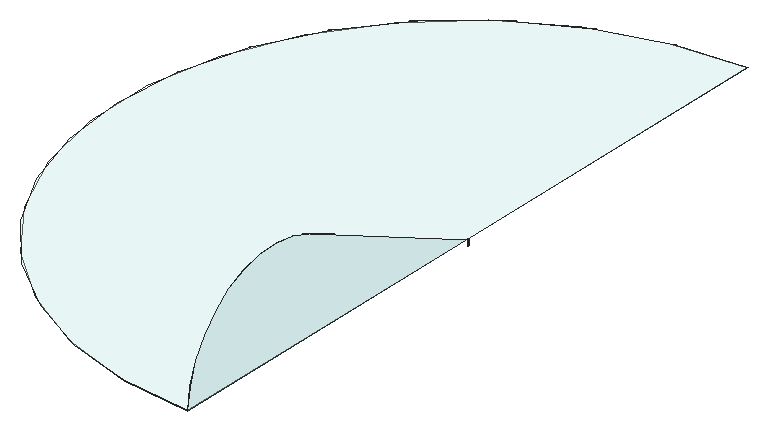
Revit family "Rotor Falvon 6504 Series - 6504FCSSHS", category Acessórios do tubo, Revit 2020
Family settings
  Cota do conector redondo = Utilizar diâmetro
  Tipo de parte = Normal
  Número OmniClass = 23.60.30.11.14
  Título OmniClass = Pipework Fittings
  Com base no plano de trabalho = Não
  Sempre na vertical = Sim
  Corte com vazios quando carregada = Não
  Compartilhado = Não
Parameters (values of type "Nozzle 18")
  Water = Water
  URL = "https://www.rainbird.com/"
  TABLE 90 = "TABLE 90psi"
  TABLE 80 = "TABLE 80psi"
  TABLE 70 = "TABLE 70psi"
  TABLE 60 = "TABLE 60psi"
  TABLE 50 = "TABLE 50psi"
  TABLE 40 = "TABLE 40psi"
  TABLE 30 = "TABLE 30psi"
  SupportProjetos: Reviw Date = ""  # constant formula
  SupportProjetos: Reviw = "R00"  # constant formula
  SupportProjetos: Level of Detail = "LOD 300"  # constant formula
  SupportProjetos: Developed = "MICHEL SOARES MOTA"  # constant formula
  SupportProjetos: Creation Date = "07/08/2020"  # constant formula
  Side inlet = no
  Rotation Water Visibility [instance] = Pop up on  # yes
  Rotation Angle [instance] = 180.00°
  RainBird: Product Link = "https://www.rainbird.com/"
  RainBird: Description = "FALCON 6504-FC-SS-HS Rotor "  # constant formula
  RainBird: Comment [instance] = ""
  RainBird: Code = "B65551"  # constant formula
  Radius [instance] = if(and(Pressure = 30.0 psi, Instance < 3 ft), size_lookup(TABLE 30, "Radius", 0 ft, Instance), if(and(Pressure = 40.0 psi, Instance < 9 ft), size_lookup(TABLE 40, "Radius", 0 ft, Instance), if(and(Pressure = 50.0 psi, Instance < 9 ft), size_lookup(TABLE 50, "Radius", 0 ft, Instance), if(and(Pressure = 60.0 psi, Instance < 9 ft), size_lookup(TABLE 60, "Radius", 0 ft, Instance), if(and(Pressure = 70.0 psi, Instance < 9 ft), size_lookup(TABLE 70, "Radius", 0 ft, Instance), if(and(Pressure = 80.0 psi, Instance < 9 ft), size_lookup(TABLE 80, "Radius", 0 ft, Instance), if(and(Pressure = 90.0 psi, Instance > 7 ft), size_lookup(TABLE 90, "Radius", 600 ft, Instance), 0 ft)))))))  # 63 ft
  RT = 0.009893 ft
  RN = 0.032808 ft
  R5 = 0.03937 ft
  R4 = 0.04101 ft
  R3 = 0.065617 ft
  R2 = 0.075407 ft
  R1 = 0.032808 ft
  Pressure [instance] = 60.0 psi
  Pop up height = 0.334646 ft
  Pop up on [instance] = yes
  Modelo = "6504-FCSSHS"  # constant formula
  Instance = 8 ft
  H1 = Body height / 3  # 0.236333 ft
  Flow [instance] = if(and(Pressure = 30.0 psi, Instance < 3 ft), size_lookup(TABLE 30, "Flow", 0.0 GPM, Instance), if(and(Pressure = 40.0 psi, Instance < 9 ft), size_lookup(TABLE 40, "Flow", 0.0 GPM, Instance), if(and(Pressure = 50.0 psi, Instance < 9 ft), size_lookup(TABLE 50, "Flow", 0.0 GPM, Instance), if(and(Pressure = 60.0 psi, Instance < 9 ft), size_lookup(TABLE 60, "Flow", 0.0 GPM, Instance), if(and(Pressure = 70.0 psi, Instance < 9 ft), size_lookup(TABLE 70, "Flow", 0.0 GPM, Instance), if(and(Pressure = 80.0 psi, Instance < 9 ft), size_lookup(TABLE 80, "Flow", 0.0 GPM, Instance), if(and(Pressure = 90.0 psi, Instance > 7 ft), size_lookup(TABLE 90, "Flow", 0.0 GPM, Instance), 0.0 GPM)))))))  # 17.1 GPM
  Fabricante = "Rain Bird"
  Elevação padrão = 0 ft
  Description = RainBird: Description  # "FALCON 6504-FC-SS-HS Rotor "
  DD13 = 0.002625 ft
  DD12 = 0.003937 ft
  DD11 = 0.009897 ft
  DD10 = 0.016404 ft
  DD8 [instance] = if(Pop up on, Pop up height, 0 ft)  # 0.334646 ft
  DD7 = 0.019685 ft
  DD6 [instance] = 0.016404 ft
  DD5 = 0.065617 ft
  DD4 = 0.032808 ft
  DD3 = 0.091048 ft
  DD2 [instance] = 0.024514 ft
  DD9 [instance] = if(Pop up on, Pop up height + 0.049541 ft, 0 ft)  # 0.384186 ft
  DD1 = 0.006562 ft
  Conection = 0.062664 ft  # constant formula
  Body height = 0.709 ft  # constant formula
  Blue = Blue Plastic
  Black Plastic = Black Plastic
  Angle = 25.00°
Types (9, lengths in ft): name | Radius | Pressure | Instance | Flow
  (no name) | 63 | 60.0 psi | 8 | 17.1 GPM
  Nozzle 4 | 43 | 80.0 psi | 1 | 4.6 GPM
  Nozzle 6 | 49 | 80.0 psi | 2 | 4.9 GPM
  Nozzle 8 | 53 | 80.0 psi | 3 | 9.4 GPM
  Nozzle 10 | 55 | 80.0 psi | 4 | 11.6 GPM
  Nozzle 12 | 61 | 80.0 psi | 5 | 14.0 GPM
  Tipo 14 | 61 | 80.0 psi | 6 | 16.2 GPM
  Nozzle 16 | 63 | 80.0 psi | 7 | 18.1 GPM
  Nozzle 18 | 63 | 60.0 psi | 8 | 17.1 GPM
Reference planes (ft)
  plane 1 "Centro (Frente/Trás)": y = 0
  plane 2: z = 0
  plane 3 "Centro (Esquerda/Direita)": x = 0
  plane 4: z = 0.003937
  plane 5: z = 0.002625
  plane 6: y = -0.065617
Forms (ft)
  Revolve 1, solid, material "Black Plastic" <- "Black Plastic"
    sketch origin (0, 0, 0) x (1, 0, 0) y (0, 0, 1)
      loop
        line (0.075407, -0.091048) -> (0.075407, -0.035324)
        arc (0.075407, -0.035324) -> (0.072509, -0.028329) -> (0.065514, -0.025431) r 0.009893
        line (0.065514, -0.025431) -> (0.046098, -0.025431) -> (0.046098, 0) -> (0.03937, 0) -> (0.03937, -0.334646) -> (0.019685, -0.334646) -> (0.019685, -0.702438) -> (0.032808, -0.702438) -> (0.032808, -0.709) -> (0.04101, -0.709) -> (0.04101, -0.702438) -> (0.055724, -0.702438)
        arc (0.055724, -0.702438) -> (0.062719, -0.699541) -> (0.065617, -0.692545) r 0.009893
        line (0.065617, -0.692545) -> (0.065617, -0.091048) -> (0.075407, -0.091048)
      axis (0, -0.709) -> (0, 0)
    angle from 0 to 360
  Extrusion 2, solid, material "Black Plastic" <- "Black Plastic"
    sketch origin (0, 0, 0) x (1, 0, 0) y (0, 1, 0)
      loop
        circle (0, 0) r 0.032808
    from -0.334646 to 0.334646
  Extrusion 3, void
    sketch origin (0, 0, 0) x (1, 0, 0) y (0, 1, 0)
      loop
        circle (0, 0) r 0.022844
    from -0.334646 to 0.334646
  Revolve 4, solid, material "Black Plastic" <- "Black Plastic"
    sketch origin (0, 0, 0) x (1, 0, 0) y (0, 0, 1)
      loop
        line (0, 0.334646) -> (0.037004, 0.334646) -> (0.037004, 0.344543)
        arc (0.037004, 0.344543) -> (0.01879, 0.349436) -> (0, 0.35105) r 0.10685
        line (0, 0.35105) -> (0, 0.334646)
      axis (0, 0.334646) -> (0, 0.35105)
    angle from 0 to 360
  Extrusion 5, solid, material "Blue Plastic" <- "Blue"
    sketch origin (0, 0, 0) x (1, 0, 0) y (0, 0, 1)
      loop
        circle (0, 0.310131) r 0.009129
      loop
        circle (0, 0.310131) r 0.004793
    from 0 to 0.034386
  Extrusion 6, void
    sketch origin (0, 0, 0) x (1, 0, 0) y (0, 0, 1)
      loop
        line (-0.02074, 0.328055) -> (-0.02074, 0.282426) -> (0.020672, 0.282426) -> (0.020672, 0.328055) -> (-0.02074, 0.328055)
      loop
        line (-0.018439, 0.325179) -> (-0.018439, 0.285685) -> (0.018179, 0.285685) -> (0.018179, 0.325179) -> (-0.018439, 0.325179)
    from 0.024556 to 0.06931
  Extrusion 7, solid, material "Black Plastic" <- "Black Plastic"
    sketch origin (0, 0, 0) x (1, 0, 0) y (0, 0, 1)
      loop
        line (0.046098, 0) -> (0.046098, -0.036876) -> (0.073493, -0.036876) -> (0.046098, 0)
    from -0.002998 to 0.002998
  Extrusion 8, solid, material "Black Plastic" <- "Black Plastic"
    sketch origin (0, 0, 0) x (-1, 0, 0) y (0, 0, -1)
      loop
        line (0.046098, 0) -> (0.073493, 0.036876) -> (0.046098, 0.036876) -> (0.046098, 0)
    from -0.002998 to 0.002998
  Extrusion 9, solid, material "Black Plastic" <- "Black Plastic"
    sketch origin (0, 0, 0) x (0.866025, 0.5, 0) y (0, 0, 1)
      loop
        line (0.046098, 0) -> (0.046098, -0.036876) -> (0.073493, -0.036876) -> (0.046098, 0)
    from -0.002998 to 0.002998
  Extrusion 10, solid, material "Black Plastic" <- "Black Plastic"
    sketch origin (0, 0, 0) x (-0.866025, -0.5, 0) y (0, 0, -1)
      loop
        line (0.046098, 0) -> (0.073493, 0.036876) -> (0.046098, 0.036876) -> (0.046098, 0)
    from -0.002998 to 0.002998
  Extrusion 11, solid, material "Black Plastic" <- "Black Plastic"
    sketch origin (0, 0, 0) x (0, 1, 0) y (0, 0, 1)
      loop
        line (0.046098, 0) -> (0.046098, -0.036876) -> (0.073493, -0.036876) -> (0.046098, 0)
    from -0.002998 to 0.002998
  Extrusion 12, solid, material "Black Plastic" <- "Black Plastic"
    sketch origin (0, 0, 0) x (0, -1, 0) y (0, 0, -1)
      loop
        line (0.046098, 0) -> (0.073493, 0.036876) -> (0.046098, 0.036876) -> (0.046098, 0)
    from -0.002998 to 0.002998
  Extrusion 13, solid, material "Black Plastic" <- "Black Plastic"
    sketch origin (0, 0, 0) x (0.5, 0.866025, 0) y (0, 0, 1)
      loop
        line (0.046098, 0) -> (0.046098, -0.036876) -> (0.073493, -0.036876) -> (0.046098, 0)
    from -0.002998 to 0.002998
  Extrusion 14, solid, material "Black Plastic" <- "Black Plastic"
    sketch origin (0, 0, 0) x (-0.5, -0.866025, 0) y (0, 0, -1)
      loop
        line (0.046098, 0) -> (0.073493, 0.036876) -> (0.046098, 0.036876) -> (0.046098, 0)
    from -0.002998 to 0.002998
  Extrusion 15, solid, material "Black Plastic" <- "Black Plastic"
    sketch origin (0, 0, 0) x (-0.5, 0.866025, 0) y (0, 0, 1)
      loop
        line (0.046098, 0) -> (0.046098, -0.036876) -> (0.073493, -0.036876) -> (0.046098, 0)
    from -0.002998 to 0.002998
  Extrusion 16, solid, material "Black Plastic" <- "Black Plastic"
    sketch origin (0, 0, 0) x (0.5, -0.866025, 0) y (0, 0, -1)
      loop
        line (0.046098, 0) -> (0.073493, 0.036876) -> (0.046098, 0.036876) -> (0.046098, 0)
    from -0.002998 to 0.002998
  Extrusion 17, solid, material "Black Plastic" <- "Black Plastic"
    sketch origin (0, 0, 0) x (-0.866025, 0.5, 0) y (0, 0, 1)
      loop
        line (0.046098, 0) -> (0.046098, -0.036876) -> (0.073493, -0.036876) -> (0.046098, 0)
    from -0.002998 to 0.002998
  Extrusion 18, solid, material "Black Plastic" <- "Black Plastic"
    sketch origin (0, 0, 0) x (0.866025, -0.5, 0) y (0, 0, -1)
      loop
        line (0.046098, 0) -> (0.073493, 0.036876) -> (0.046098, 0.036876) -> (0.046098, 0)
    from -0.002998 to 0.002998
  Extrusion 19, void
    sketch origin (0, 0, 0) x (1, 0, 0) y (0, 1, 0)
      loop
        line (-0.002998, 0.077702) -> (-0.002998, 0.071655) -> (0.002998, 0.071655) -> (0.002998, 0.077702) -> (-0.002998, 0.077702)
    from -0.091048 to 0.82021
  Extrusion 20, void
    sketch origin (0, 0, 0) x (1, 0, 0) y (0, 1, 0)
      loop
        line (0.002998, -0.077702) -> (0.002998, -0.071655) -> (-0.002998, -0.071655) -> (-0.002998, -0.077702) -> (0.002998, -0.077702)
    from -0.091048 to 0.82021
  Extrusion 21, void
    sketch origin (0, 0, 0) x (0.965926, 0.258819, 0) y (-0.258819, 0.965926, 0)
      loop
        line (-0.002998, 0.077702) -> (-0.002998, 0.071655) -> (0.002998, 0.071655) -> (0.002998, 0.077702) -> (-0.002998, 0.077702)
    from -0.091048 to 0.82021
  Extrusion 22, void
    sketch origin (0, 0, 0) x (0.965926, 0.258819, 0) y (-0.258819, 0.965926, 0)
      loop
        line (0.002998, -0.077702) -> (0.002998, -0.071655) -> (-0.002998, -0.071655) -> (-0.002998, -0.077702) -> (0.002998, -0.077702)
    from -0.091048 to 0.82021
  Extrusion 23, void
    sketch origin (0, 0, 0) x (0.866025, 0.5, 0) y (-0.5, 0.866025, 0)
      loop
        line (-0.002998, 0.077702) -> (-0.002998, 0.071655) -> (0.002998, 0.071655) -> (0.002998, 0.077702) -> (-0.002998, 0.077702)
    from -0.091048 to 0.82021
  Extrusion 24, void
    sketch origin (0, 0, 0) x (0.866025, 0.5, 0) y (-0.5, 0.866025, 0)
      loop
        line (0.002998, -0.077702) -> (0.002998, -0.071655) -> (-0.002998, -0.071655) -> (-0.002998, -0.077702) -> (0.002998, -0.077702)
    from -0.091048 to 0.82021
  Extrusion 25, void
    sketch origin (0, 0, 0) x (0.5, 0.866025, 0) y (-0.866025, 0.5, 0)
      loop
        line (-0.002998, 0.077702) -> (-0.002998, 0.071655) -> (0.002998, 0.071655) -> (0.002998, 0.077702) -> (-0.002998, 0.077702)
    from -0.091048 to 0.82021
  Extrusion 26, void
    sketch origin (0, 0, 0) x (0.5, 0.866025, 0) y (-0.866025, 0.5, 0)
      loop
        line (0.002998, -0.077702) -> (0.002998, -0.071655) -> (-0.002998, -0.071655) -> (-0.002998, -0.077702) -> (0.002998, -0.077702)
    from -0.091048 to 0.82021
  Extrusion 27, void
    sketch origin (0, 0, 0) x (0.707107, 0.707107, 0) y (-0.707107, 0.707107, 0)
      loop
        line (-0.002998, 0.077702) -> (-0.002998, 0.071655) -> (0.002998, 0.071655) -> (0.002998, 0.077702) -> (-0.002998, 0.077702)
    from -0.091048 to 0.82021
  Extrusion 28, void
    sketch origin (0, 0, 0) x (0.707107, 0.707107, 0) y (-0.707107, 0.707107, 0)
      loop
        line (0.002998, -0.077702) -> (0.002998, -0.071655) -> (-0.002998, -0.071655) -> (-0.002998, -0.077702) -> (0.002998, -0.077702)
    from -0.091048 to 0.82021
  Extrusion 29, void
    sketch origin (0, 0, 0) x (0.258819, 0.965926, 0) y (-0.965926, 0.258819, 0)
      loop
        line (-0.002998, 0.077702) -> (-0.002998, 0.071655) -> (0.002998, 0.071655) -> (0.002998, 0.077702) -> (-0.002998, 0.077702)
    from -0.091048 to 0.82021
  Extrusion 30, void
    sketch origin (0, 0, 0) x (0.258819, 0.965926, 0) y (-0.965926, 0.258819, 0)
      loop
        line (0.002998, -0.077702) -> (0.002998, -0.071655) -> (-0.002998, -0.071655) -> (-0.002998, -0.077702) -> (0.002998, -0.077702)
    from -0.091048 to 0.82021
  Extrusion 31, void
    sketch origin (0, 0, 0) x (0, 1, 0) y (-1, 0, 0)
      loop
        line (-0.002998, 0.077702) -> (-0.002998, 0.071655) -> (0.002998, 0.071655) -> (0.002998, 0.077702) -> (-0.002998, 0.077702)
    from -0.091048 to 0.82021
  Extrusion 32, void
    sketch origin (0, 0, 0) x (0, 1, 0) y (-1, 0, 0)
      loop
        line (0.002998, -0.077702) -> (0.002998, -0.071655) -> (-0.002998, -0.071655) -> (-0.002998, -0.077702) -> (0.002998, -0.077702)
    from -0.091048 to 0.82021
  Extrusion 33, void
    sketch origin (0, 0, 0) x (-0.258819, 0.965926, 0) y (-0.965926, -0.258819, 0)
      loop
        line (-0.002998, 0.077702) -> (-0.002998, 0.071655) -> (0.002998, 0.071655) -> (0.002998, 0.077702) -> (-0.002998, 0.077702)
    from -0.091048 to 0.82021
  Extrusion 34, void
    sketch origin (0, 0, 0) x (-0.258819, 0.965926, 0) y (-0.965926, -0.258819, 0)
      loop
        line (0.002998, -0.077702) -> (0.002998, -0.071655) -> (-0.002998, -0.071655) -> (-0.002998, -0.077702) -> (0.002998, -0.077702)
    from -0.091048 to 0.82021
  Extrusion 35, void
    sketch origin (0, 0, 0) x (-0.5, 0.866025, 0) y (-0.866025, -0.5, 0)
      loop
        line (-0.002998, 0.077702) -> (-0.002998, 0.071655) -> (0.002998, 0.071655) -> (0.002998, 0.077702) -> (-0.002998, 0.077702)
    from -0.091048 to 0.82021
  Extrusion 36, void
    sketch origin (0, 0, 0) x (-0.5, 0.866025, 0) y (-0.866025, -0.5, 0)
      loop
        line (0.002998, -0.077702) -> (0.002998, -0.071655) -> (-0.002998, -0.071655) -> (-0.002998, -0.077702) -> (0.002998, -0.077702)
    from -0.091048 to 0.82021
  Extrusion 37, void
    sketch origin (0, 0, 0) x (-0.707107, 0.707107, 0) y (-0.707107, -0.707107, 0)
      loop
        line (-0.002998, 0.077702) -> (-0.002998, 0.071655) -> (0.002998, 0.071655) -> (0.002998, 0.077702) -> (-0.002998, 0.077702)
    from -0.091048 to 0.82021
  Extrusion 38, void
    sketch origin (0, 0, 0) x (-0.707107, 0.707107, 0) y (-0.707107, -0.707107, 0)
      loop
        line (0.002998, -0.077702) -> (0.002998, -0.071655) -> (-0.002998, -0.071655) -> (-0.002998, -0.077702) -> (0.002998, -0.077702)
    from -0.091048 to 0.82021
  Extrusion 39, void
    sketch origin (0, 0, 0) x (-0.866025, 0.5, 0) y (-0.5, -0.866025, 0)
      loop
        line (-0.002998, 0.077702) -> (-0.002998, 0.071655) -> (0.002998, 0.071655) -> (0.002998, 0.077702) -> (-0.002998, 0.077702)
    from -0.091048 to 0.82021
  Extrusion 40, void
    sketch origin (0, 0, 0) x (-0.866025, 0.5, 0) y (-0.5, -0.866025, 0)
      loop
        line (0.002998, -0.077702) -> (0.002998, -0.071655) -> (-0.002998, -0.071655) -> (-0.002998, -0.077702) -> (0.002998, -0.077702)
    from -0.091048 to 0.82021
  Extrusion 41, void
    sketch origin (0, 0, 0) x (-0.965926, 0.258819, 0) y (-0.258819, -0.965926, 0)
      loop
        line (-0.002998, 0.077702) -> (-0.002998, 0.071655) -> (0.002998, 0.071655) -> (0.002998, 0.077702) -> (-0.002998, 0.077702)
    from -0.091048 to 0.82021
  Extrusion 42, void
    sketch origin (0, 0, 0) x (-0.965926, 0.258819, 0) y (-0.258819, -0.965926, 0)
      loop
        line (0.002998, -0.077702) -> (0.002998, -0.071655) -> (-0.002998, -0.071655) -> (-0.002998, -0.077702) -> (0.002998, -0.077702)
    from -0.091048 to 0.82021
  Extrusion 43, solid, material "Water" <- "Water", visible <- "Rotation Water Visibility"
    sketch origin (0, 0, 0) x (0, 1, 0) y (0, 0, 1)
      loop
        line (-0.032808, 0.310131) -> (-35.615202, 16.902474)
        arc (-35.615202, 16.902474) -> (-53.751991, 15.923219) -> (-63.032808, 0.310131) r 19.287003
        line (-63.032808, 0.310131) -> (-0.032808, 0.310131)
    from -0.008202 to 0.008202
Cuts and joins
  Extrusion 3, Extrusion 6 cuts Extrusion 2
  Extrusion 19, Extrusion 20, Extrusion 21, Extrusion 22, Extrusion 23, Extrusion 24, Extrusion 25, Extrusion 26, Extrusion 27, Extrusion 28, Extrusion 29, Extrusion 30, Extrusion 31, Extrusion 32, Extrusion 33, Extrusion 34, Extrusion 35, Extrusion 36, Extrusion 37, Extrusion 38, Extrusion 39, Extrusion 40, Extrusion 41, Extrusion 42 cuts Revolve 1
Dimensions and locks (ft)
  "Body height": level to Revolve 1 sketch curve
  "R2": Revolve 1 sketch curve to plane 3 "Centro (Esquerda/Direita)"
  "DD1": Revolve 1 sketch curve to Revolve 1 sketch curve
  "DD3": level to Revolve 1 sketch curve
  Revolve 1 sketch curve to plane 3 "Centro (Esquerda/Direita)" = 0.065617 ft
  "R4": Revolve 1 sketch curve to plane 3 "Centro (Esquerda/Direita)"
  "RN": Revolve 1 sketch curve to plane 3 "Centro (Esquerda/Direita)"
  "Pop up height": level to Revolve 1 sketch curve
  "R5": plane 3 "Centro (Esquerda/Direita)" to Revolve 1 sketch curve
  "DD7": Revolve 1 sketch curve to plane 3 "Centro (Esquerda/Direita)"
  "DD8": Extrusion 2 to level
  "DD12": plane 4 to level
  "DD13": plane 5 to level
  "R3": plane 6 to plane 1 "Centro (Frente/Trás)"
  "DD5": Revolve 1 sketch curve to Revolve 1 sketch curve
  "DD10": Revolve 4 sketch curve to Revolve 4 sketch curve
  "DD11": Revolve 4 sketch curve to Revolve 4 sketch curve
  "DD2": Revolve 4 to Extrusion 5 sketch curve  (x2)
  Extrusion 7 to plane 3 "Centro (Esquerda/Direita)" = 0.046098 ft
  equal spacing: Extrusion 7, plane 1 "Centro (Frente/Trás)", Extrusion 7
  Extrusion 8 to Extrusion 8 = 0.005995 ft
  Extrusion 9 to Extrusion 9 = 0.005995 ft
  Extrusion 20 sketch curve to Extrusion 20 sketch curve = 0.005995 ft
  Extrusion 22 sketch curve to Extrusion 22 sketch curve = 0.005995 ft
  Extrusion 24 sketch curve to Extrusion 24 sketch curve = 0.005995 ft
  Extrusion 26 sketch curve to Extrusion 26 sketch curve = 0.005995 ft
  Extrusion 28 sketch curve to Extrusion 28 sketch curve = 0.005995 ft
  Extrusion 30 sketch curve to Extrusion 30 sketch curve = 0.005995 ft
  Extrusion 32 sketch curve to Extrusion 32 sketch curve = 0.005995 ft
  Extrusion 34 sketch curve to Extrusion 34 sketch curve = 0.005995 ft
  Extrusion 36 sketch curve to Extrusion 36 sketch curve = 0.005995 ft
  Extrusion 38 sketch curve to Extrusion 38 sketch curve = 0.005995 ft
  Extrusion 40 sketch curve to Extrusion 40 sketch curve = 0.005995 ft
  Extrusion 42 sketch curve to Extrusion 42 sketch curve = 0.005995 ft
  "DD4": plane 1 "Centro (Frente/Trás)" to Extrusion 43 sketch curve
  "DD2": Revolve 4 to Extrusion 43 sketch curve
  "Radius": Extrusion 43 sketch curve to Extrusion 43 sketch curve
  equal spacing: Extrusion 43, plane 3 "Centro (Esquerda/Direita)", Extrusion 43
  "DD6": Extrusion 43 to Extrusion 43
  "DD2": Revolve 4 to nested 1
  "RT": radius of Revolve 1 sketch curve  (x2)
  "R1": radius of Extrusion 2 sketch curve
  "Angle": angle Extrusion 43 sketch curve to Extrusion 43 sketch curve
  aligned and locked: level to plane 2
  aligned and locked: Revolve 1 sketch curve to Revolve 1 sketch curve
  aligned and locked: Extrusion 2 to Revolve 1
  aligned and locked: cut or joined group of Extrusion 2, Extrusion 3, Extrusion 6 to cut or joined group of Extrusion 2, Extrusion 3, Extrusion 6  (x2)
  aligned and locked: Revolve 4 sketch curve to cut or joined group of Extrusion 2, Extrusion 3, Extrusion 6
  aligned and locked: Extrusion 20 to Revolve 1
  aligned and locked: Extrusion 22 to Revolve 1
  aligned and locked: Extrusion 24 to Revolve 1
  aligned and locked: Extrusion 28 to Revolve 1
  aligned and locked: Extrusion 26 to Revolve 1
  aligned and locked: Extrusion 30 to Revolve 1
  aligned and locked: Extrusion 32 to Revolve 1
  aligned and locked: Extrusion 34 to Revolve 1
  aligned and locked: Revolve 1 to Extrusion 36
  aligned and locked: Revolve 1 to Extrusion 38
  aligned and locked: Extrusion 41 to Revolve 1
  aligned and locked: Extrusion 39 to Revolve 1
  aligned and locked: Extrusion 37 to Revolve 1
  aligned and locked: Extrusion 35 to Revolve 1
  aligned and locked: Extrusion 33 to Revolve 1
  aligned and locked: Extrusion 31 to Revolve 1
  aligned and locked: Extrusion 29 to Revolve 1
  aligned and locked: Revolve 1 to Extrusion 25
  aligned and locked: Revolve 1 to Extrusion 27
  aligned and locked: Revolve 1 to Extrusion 19
  aligned and locked: Revolve 1 to Extrusion 21
  aligned and locked: Revolve 1 to Extrusion 42
  aligned and locked: Revolve 1 to Extrusion 40
  aligned and locked: Revolve 1 to Extrusion 23
Automatic sketch dimensions
  plane 1 "Centro (Frente/Trás)" to Extrusion 2 sketch curve = 0 ft
  Extrusion 2 sketch curve to plane 3 "Centro (Esquerda/Direita)" = 0 ft
  plane 1 "Centro (Frente/Trás)" to Extrusion 3 sketch curve = 0 ft
  Extrusion 3 sketch curve to plane 3 "Centro (Esquerda/Direita)" = 0 ft
  Revolve 4 sketch curve to plane 3 "Centro (Esquerda/Direita)" = 0 ft  (x2)
  plane 3 "Centro (Esquerda/Direita)" to Revolve 4 sketch curve = 0.000284 ft
  plane 3 "Centro (Esquerda/Direita)" to Revolve 4 sketch curve = 0.037004 ft
  Revolve 4 sketch curve to Revolve 4 sketch curve = 0.015719 ft
  Revolve 4 sketch curve to Revolve 4 sketch curve = 0.114829 ft
  Extrusion 5 sketch curve to Extrusion 5 sketch curve = 0 ft
  Extrusion 5 sketch curve to plane 3 "Centro (Esquerda/Direita)" = 0 ft
  Extrusion 6 sketch curve to plane 3 "Centro (Esquerda/Direita)" = 0.02074 ft
  Extrusion 6 sketch curve to Extrusion 6 sketch curve = 0.002301 ft
  plane 3 "Centro (Esquerda/Direita)" to Extrusion 6 sketch curve = 0.018179 ft
  Extrusion 6 sketch curve to Extrusion 6 sketch curve = 0.002492 ft
  plane 4 to Extrusion 6 sketch curve = 0.278489 ft
  Extrusion 6 sketch curve to Extrusion 6 sketch curve = 0.003259 ft
  Extrusion 6 sketch curve to Extrusion 6 sketch curve = 0.039494 ft
  Extrusion 6 sketch curve to Extrusion 6 sketch curve = 0.002876 ft
  Extrusion 7 sketch curve to level = 0 ft
  plane 3 "Centro (Esquerda/Direita)" to Extrusion 7 sketch curve = 0.046098 ft
  Extrusion 7 sketch curve to Extrusion 7 sketch curve = 0.027396 ft
  Extrusion 7 sketch curve to Extrusion 7 sketch curve = 0.036876 ft
  Extrusion 8 sketch curve to level = 0 ft
  plane 3 "Centro (Esquerda/Direita)" to Extrusion 8 sketch curve = 0.046098 ft
  Extrusion 8 sketch curve to Extrusion 8 sketch curve = 0.027396 ft
  Extrusion 8 sketch curve to Extrusion 8 sketch curve = 0.036876 ft
  Extrusion 9 sketch curve to level = 0 ft
  Extrusion 9 sketch curve to level = 0.036876 ft
  Extrusion 9 sketch curve to Extrusion 9 sketch curve = 0.027396 ft
  Extrusion 10 sketch curve to level = 0 ft
  Extrusion 10 sketch curve to level = 0.036876 ft
  Extrusion 10 sketch curve to Extrusion 10 sketch curve = 0.027396 ft
  Extrusion 11 sketch curve to level = 0 ft
  Extrusion 11 sketch curve to plane 1 "Centro (Frente/Trás)" = 0.046098 ft
  Extrusion 11 sketch curve to Extrusion 11 sketch curve = 0.027396 ft
  Extrusion 11 sketch curve to Extrusion 11 sketch curve = 0.036876 ft
  Extrusion 12 sketch curve to level = 0 ft
  plane 6 to Extrusion 12 sketch curve = 0.019519 ft
  Extrusion 12 sketch curve to plane 6 = 0.007877 ft
  Extrusion 12 sketch curve to level = 0.036876 ft
  Extrusion 13 sketch curve to level = 0 ft
  Extrusion 13 sketch curve to level = 0.036876 ft
  Extrusion 13 sketch curve to Extrusion 13 sketch curve = 0.027396 ft
  Extrusion 14 sketch curve to level = 0 ft
  Extrusion 14 sketch curve to level = 0.036876 ft
  Extrusion 14 sketch curve to Extrusion 14 sketch curve = 0.027396 ft
  level to Extrusion 15 sketch curve = 0 ft
  Extrusion 15 sketch curve to level = 0.036876 ft
  Extrusion 15 sketch curve to Extrusion 15 sketch curve = 0.027396 ft
  level to Extrusion 16 sketch curve = 0 ft
  Extrusion 16 sketch curve to level = 0.036876 ft
  Extrusion 16 sketch curve to Extrusion 16 sketch curve = 0.027396 ft
  level to Extrusion 17 sketch curve = 0 ft
  Extrusion 17 sketch curve to level = 0.036876 ft
  Extrusion 17 sketch curve to Extrusion 17 sketch curve = 0.027396 ft
  level to Extrusion 18 sketch curve = 0 ft
  Extrusion 18 sketch curve to level = 0.036876 ft
  Extrusion 18 sketch curve to Extrusion 18 sketch curve = 0.027396 ft
  Extrusion 19 sketch curve to plane 3 "Centro (Esquerda/Direita)" = 0.002998 ft
  Extrusion 19 sketch curve to plane 1 "Centro (Frente/Trás)" = 0.071655 ft
  Extrusion 19 sketch curve to Extrusion 19 sketch curve = 0.006047 ft
  plane 3 "Centro (Esquerda/Direita)" to Extrusion 20 sketch curve = 0.002998 ft
  plane 6 to Extrusion 20 sketch curve = 0.006038 ft
  Extrusion 20 sketch curve to Extrusion 20 sketch curve = 0.006047 ft
  plane 3 "Centro (Esquerda/Direita)" to Extrusion 19 sketch curve = 0.002998 ft
  Extrusion 21 sketch curve to plane 3 "Centro (Esquerda/Direita)" = 0.021441 ft
  Extrusion 21 sketch curve to plane 1 "Centro (Frente/Trás)" = 0.068438 ft
  Extrusion 21 sketch curve to Extrusion 21 sketch curve = 0.005995 ft
  Extrusion 21 sketch curve to Extrusion 21 sketch curve = 0.006047 ft
  Extrusion 22 sketch curve to plane 6 = 0.010213 ft
  plane 3 "Centro (Esquerda/Direita)" to Extrusion 22 sketch curve = 0.017215 ft
  Extrusion 22 sketch curve to Extrusion 22 sketch curve = 0.006047 ft
  Extrusion 23 sketch curve to plane 3 "Centro (Esquerda/Direita)" = 0.038424 ft
  Extrusion 23 sketch curve to plane 1 "Centro (Frente/Trás)" = 0.060556 ft
  Extrusion 23 sketch curve to Extrusion 23 sketch curve = 0.005995 ft
  Extrusion 23 sketch curve to Extrusion 23 sketch curve = 0.006047 ft
  Extrusion 24 sketch curve to plane 6 = 0.003174 ft
  plane 3 "Centro (Esquerda/Direita)" to Extrusion 24 sketch curve = 0.036255 ft
  Extrusion 24 sketch curve to Extrusion 24 sketch curve = 0.006047 ft
  Extrusion 25 sketch curve to plane 1 "Centro (Frente/Trás)" = 0.033231 ft
  Extrusion 25 sketch curve to plane 3 "Centro (Esquerda/Direita)" = 0.063554 ft
  Extrusion 25 sketch curve to Extrusion 25 sketch curve = 0.005995 ft
  Extrusion 25 sketch curve to Extrusion 25 sketch curve = 0.006047 ft
  Extrusion 26 sketch curve to plane 6 = 0.02417 ft
  Extrusion 26 sketch curve to plane 3 "Centro (Esquerda/Direita)" = 0.065793 ft
  Extrusion 26 sketch curve to Extrusion 26 sketch curve = 0.006047 ft
  Extrusion 27 sketch curve to plane 1 "Centro (Frente/Trás)" = 0.048548 ft
  Extrusion 27 sketch curve to plane 3 "Centro (Esquerda/Direita)" = 0.052787 ft
  Extrusion 27 sketch curve to Extrusion 27 sketch curve = 0.005995 ft
  Extrusion 27 sketch curve to Extrusion 27 sketch curve = 0.006047 ft
  plane 6 to Extrusion 28 sketch curve = 0.008554 ft
  plane 3 "Centro (Esquerda/Direita)" to Extrusion 28 sketch curve = 0.052824 ft
  Extrusion 28 sketch curve to Extrusion 28 sketch curve = 0.006047 ft
  Extrusion 29 sketch curve to plane 1 "Centro (Frente/Trás)" = 0.01565 ft
  Extrusion 29 sketch curve to plane 3 "Centro (Esquerda/Direita)" = 0.069989 ft
  Extrusion 29 sketch curve to Extrusion 29 sketch curve = 0.005995 ft
  Extrusion 29 sketch curve to Extrusion 29 sketch curve = 0.006047 ft
  plane 1 "Centro (Frente/Trás)" to Extrusion 30 sketch curve = 0.023006 ft
  plane 3 "Centro (Esquerda/Direita)" to Extrusion 30 sketch curve = 0.074278 ft
  Extrusion 30 sketch curve to Extrusion 30 sketch curve = 0.006047 ft
  plane 1 "Centro (Frente/Trás)" to Extrusion 31 sketch curve = 0.002998 ft
  Extrusion 31 sketch curve to plane 1 "Centro (Frente/Trás)" = 0.002998 ft
  Extrusion 31 sketch curve to plane 3 "Centro (Esquerda/Direita)" = 0.071655 ft
  Extrusion 31 sketch curve to Extrusion 31 sketch curve = 0.006047 ft
  plane 1 "Centro (Frente/Trás)" to Extrusion 32 sketch curve = 0.002998 ft
  plane 3 "Centro (Esquerda/Direita)" to Extrusion 32 sketch curve = 0.077702 ft
  Extrusion 32 sketch curve to Extrusion 32 sketch curve = 0.006047 ft
  plane 1 "Centro (Frente/Trás)" to Extrusion 33 sketch curve = 0.021441 ft
  Extrusion 33 sketch curve to plane 3 "Centro (Esquerda/Direita)" = 0.068438 ft
  Extrusion 33 sketch curve to Extrusion 33 sketch curve = 0.005995 ft
  Extrusion 33 sketch curve to Extrusion 33 sketch curve = 0.006047 ft
  Extrusion 34 sketch curve to plane 1 "Centro (Frente/Trás)" = 0.017215 ft
  plane 3 "Centro (Esquerda/Direita)" to Extrusion 34 sketch curve = 0.07583 ft
  Extrusion 34 sketch curve to Extrusion 34 sketch curve = 0.006047 ft
  plane 6 to Extrusion 35 sketch curve = 0.027193 ft
  Extrusion 35 sketch curve to plane 3 "Centro (Esquerda/Direita)" = 0.060556 ft
  Extrusion 35 sketch curve to Extrusion 35 sketch curve = 0.005995 ft
  Extrusion 35 sketch curve to Extrusion 35 sketch curve = 0.006047 ft
  Extrusion 36 sketch curve to plane 1 "Centro (Frente/Trás)" = 0.036255 ft
  plane 3 "Centro (Esquerda/Direita)" to Extrusion 36 sketch curve = 0.068791 ft
  Extrusion 36 sketch curve to Extrusion 36 sketch curve = 0.006047 ft
  plane 6 to Extrusion 37 sketch curve = 0.012829 ft
  Extrusion 37 sketch curve to plane 3 "Centro (Esquerda/Direita)" = 0.048548 ft
  Extrusion 37 sketch curve to Extrusion 37 sketch curve = 0.005995 ft
  Extrusion 37 sketch curve to Extrusion 37 sketch curve = 0.006047 ft
  Extrusion 38 sketch curve to plane 1 "Centro (Frente/Trás)" = 0.052824 ft
  plane 3 "Centro (Esquerda/Direita)" to Extrusion 38 sketch curve = 0.057063 ft
  Extrusion 38 sketch curve to Extrusion 38 sketch curve = 0.006047 ft
  plane 6 to Extrusion 39 sketch curve = 0.002063 ft
  Extrusion 39 sketch curve to plane 3 "Centro (Esquerda/Direita)" = 0.033231 ft
  Extrusion 39 sketch curve to Extrusion 39 sketch curve = 0.005995 ft
  Extrusion 39 sketch curve to Extrusion 39 sketch curve = 0.006047 ft
  plane 3 "Centro (Esquerda/Direita)" to Extrusion 40 sketch curve = 0.041447 ft
  Extrusion 40 sketch curve to plane 1 "Centro (Frente/Trás)" = 0.065793 ft
  Extrusion 40 sketch curve to Extrusion 40 sketch curve = 0.006047 ft
  Extrusion 41 sketch curve to plane 6 = 0.004372 ft
  Extrusion 41 sketch curve to plane 3 "Centro (Esquerda/Direita)" = 0.01565 ft
  Extrusion 41 sketch curve to Extrusion 41 sketch curve = 0.005995 ft
  Extrusion 41 sketch curve to Extrusion 41 sketch curve = 0.006047 ft
  plane 3 "Centro (Esquerda/Direita)" to Extrusion 42 sketch curve = 0.023006 ft
  Extrusion 42 sketch curve to plane 1 "Centro (Frente/Trás)" = 0.074278 ft
  Extrusion 42 sketch curve to Extrusion 42 sketch curve = 0.006047 ft
  Revolve 1 sketch curve to plane 3 "Centro (Esquerda/Direita)" = 0 ft
  Revolve 1 sketch curve to level = 0 ft
  Revolve 1 sketch curve to Revolve 1 sketch curve = 0.019416 ft
  plane 4 to Revolve 1 sketch curve = 0.079347 ft
  Revolve 1 sketch curve to Revolve 1 sketch curve = 0.918635 ft
  Extrusion 43 sketch curve to level = 0.577487 ft
  radius of Extrusion 3 sketch curve = 0.022844 ft
  radius of Extrusion 5 sketch curve = 0.009129 ft
  radius of Extrusion 5 sketch curve = 0.004793 ft
Nested families (ft)
  nested 1: "Water" at (-0.000026, 0, 0.190873) x (0, -1, 0) z (0, 0, 1), DT9 <- "DD4", Radius <- "Radius", visible <- "Rotation Water Visibility", Rotation Angle <- "Rotation Angle", type "Water"
    with Rotation Angle 180.00°, Radius 63 ft, DT9 0.032808 ft, DT8 0 ft, DT7 252 ft, DT4 315 ft, Angle 2 180.00°
Connectors (ft)
  piping at (0, 0, -0.709), diameter 2
    settings: on cut or joined group of Revolve 1, Extrusion 19, Extrusion 20, Extrusion 21, Extrusion 22, Extrusion 23, Extrusion 24, Extrusion 25, Extrusion 26, Extrusion 27, Extrusion 28, Extrusion 29, Extrusion 30, Extrusion 31, Extrusion 32, Extrusion 33, Extrusion 34, Extrusion 35, Extrusion 36, Extrusion 37, Extrusion 38, Extrusion 39, Extrusion 40, Extrusion 41, Extrusion 42, index 1, connector inside diameter 609.6 mm, connector length 0 ft, flow factor 0, pipe flow 0.0 GPM, pressure drop 0.0 psi, fitting loss kfactor 0, connector angle 0.00°, fixture units 0, engagement length 0 ft, angle of deflection 0.00°, flow configuration 0, flow direction 0, fitting loss method 0, system type 28, joint type 0, gender type 0, connector reference index -1, connector utility 0, adjustable connector no, is connector primary yes, connector description ""
Definition of nested family "Water"
  Parameters (values of type "Water")
    Water Visibility (Circle) = yes
    Water = none
    URL = ""
    SupportProjetos: Reviw Date = ""  # constant formula
    SupportProjetos: Level of Detail = "LOD 300"  # constant formula
    SupportProjetos: Developed = "MICHEL SOARES MOTA"  # constant formula
    SupportProjetos: Creation Date = "16/07/2020"  # constant formula
    Rotation Angle [instance] = 90.00°
    Reviw = "R00"  # constant formula
    Radius [instance] = 14 ft
    Model = ""
    Default Elevation = 4 ft
    Description = ""
    DT9 [instance] = 0.032808 ft
    DT8 [instance] = if(Rotation Angle = 360.00°, 10 ft, 0 ft)  # 0 ft
    DT7 [instance] = 4 * Radius  # 56 ft
    DT4 [instance] = 5 * Radius  # 70 ft
    DT2 = 0.098425 ft  # constant formula
    DT6 = 0 ft
    Angle 2 [instance] = if(Rotation Angle = 360.00°, 180.00°, 360.00° - Rotation Angle)  # 270.00°
  Reference planes (ft)
    plane 1 "Centro (Frente/Trás)": y = 0
    plane 2: z = 0
    plane 3 "Centro (Esquerda/Direita)": x = 0
  Forms (ft)
    Revolve 1, solid, material <- "Water", visible <- "Water Visibility (Circle)"
      sketch origin (0, 0, 0) x (1, 0, 0) y (0, 0, 1)
        loop
          line (0.032808, 0.098425) -> (14.032808, 0.098425) -> (14.032808, 0.119259) -> (0.032808, 0.119259) -> (0.032808, 0.098425)
        axis (0, 0.098425) -> (0, 0.119259)
      angle from 0 to 360
    Extrusion 2, void
      sketch origin (0, 0, 0) x (1, 0, 0) y (0, 1, 0)
        loop
          line (0, 0) -> (70, 0) -> (70, 56)
          arc (70, 56) -> (-70.459018, 51.588344) -> (0, -70) r 81.847109
          line (0, -70) -> (0, 0)
      from 0 to 15.189231
  Cuts and joins
    Extrusion 2 cuts Revolve 1
  Dimensions and locks (ft)
    "DT2": Revolve 1 sketch curve to level
    "DT4": Extrusion 2 sketch curve to Extrusion 2 sketch curve  (x2)
    "DT6": Extrusion 2 sketch curve to plane 3 "Centro (Esquerda/Direita)"
    "DT7": Extrusion 2 sketch curve to Extrusion 2 sketch curve
    "DT8": cut or joined group of Revolve 1, Extrusion 2 to level
    "Radius": Revolve 1 sketch curve to Revolve 1 sketch curve
    "DT9": Revolve 1 sketch curve to plane 3 "Centro (Esquerda/Direita)"
    "Angle 2": angle Extrusion 2 sketch curve to Extrusion 2 sketch curve
    aligned and locked: level to plane 2
    aligned and locked: plane 1 "Centro (Frente/Trás)" to Extrusion 2 sketch curve
  Automatic sketch dimensions
    plane 3 "Centro (Esquerda/Direita)" to Extrusion 2 sketch curve = 1.088227 ft
    Revolve 1 sketch curve to plane 3 "Centro (Esquerda/Direita)" = 0 ft
    Revolve 1 sketch curve to Revolve 1 sketch curve = 0.020833 ft
    Revolve 1 sketch curve to Revolve 1 sketch curve = 0.032113 ft
    Revolve 1 sketch curve to Revolve 1 sketch curve = 10.2693 ft
